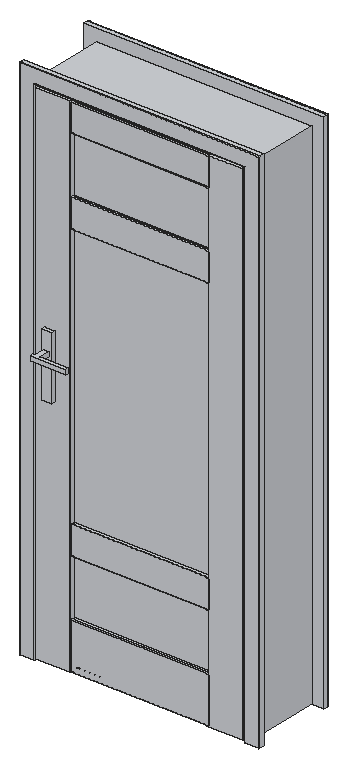
Revit family "b_portagrande_e0_pn60-100", category Drzwi, Revit 2016
Family settings
  Obiekt nadrzędny = Ściana
  Zawsze pionowo = Tak
  Tnij formami wycięć po wczytaniu = Nie
  Współdzielony = Nie
  Punkt obliczania pomieszczeń = Nie
Parameters (values of type "PN 80")
  Zakres szerokości muru [instance] = if(and(Szerokość ściany > 94 mm, Szerokość ściany < 120 mm), "B", (if(and(Szerokość ściany > 119 mm, Szerokość ściany < 140 mm), "C", (if(and(Szerokość ściany > 139 mm, Szerokość ściany < 160 mm), "D", (if(and(Szerokość ściany > 159 mm, Szerokość ściany < 180 mm), "E", (if(and(Szerokość ściany > 179 mm, Szerokość ściany < 200 mm), "F", (if(and(Szerokość ściany > 199 mm, Szerokość ściany < 220 mm), "G", (if(and(Szerokość ściany > 219 mm, Szerokość ściany < 240 mm), "H", (if(and(Szerokość ściany > 239 mm, Szerokość ściany < 260 mm), "I", (if(and(Szerokość ściany > 259 mm, Szerokość ściany < 280 mm), "J", (if(and(Szerokość ściany > 279 mm, Szerokość ściany < 301 mm), "K", "BRAK")))))))))))))))))))  # "K"
  Wysokość brutto = 2060 mm
  Szerokość ściany [instance] = 300 mm
  Szerokość brutto = 880 mm
  Model = "Porta GRANDE E.0"
  Konstrukcja analityczna = "<Brak>"
  Funkcja = Wewnętrzna
  URL = "www.porta.com.pl"
  Ss = 818 mm
  Sb = 846 mm
  Producent = "PORTA KMI POLAND"  # constant formula
  Keynote = ""
  Opis = "Własność Porta KMI Poland, wszelkie prawa zastrzeżone."  # constant formula
  Wysokość = 2016 mm
  Zakończenie ściany = Wg obiektu nadrzędnego
  Szerokość = 800 mm
  Materiał_skrzydło [instance] = none
  Materiał_ościeżnica [instance] = none
  Materiał_klamka [instance] = none
  Hs = 2017 mm
Types (5, lengths in mm): name | Szerokość brutto | Ss | Sb | Szerokość
  PN 70 | 780 | 718 | 746 | 700
  PN 60 | 680 | 618 | 646 | 600
  PN 80 | 880 | 818 | 846 | 800
  PN 90 | 980 | 918 | 946 | 900
  PN 100 | 1080 | 1018 | 1046 | 1000
Reference planes
  plane 1: y = 0
  plane 2 "Środek (Lewa/Prawa)": x = 0
  plane 3 "Lewy": x = -440
  plane 4 "Prawy": x = 440
  plane 5: z = 2060
  plane 6 "Zewnętrzna": y = 150
  plane 7 "Wewnętrzna": y = -150
  plane 8 "skrzydło": y = -129
Forms (mm)
  Sweep 1, solid, material <- "Materiał_ościeżnica"
    path in 3D
      loop
        line (-440, -150, 0) -> (-440, -150, 2060) -> (440, -150, 2060) -> (440, -150, 0)
    profile origin (-440, -150, 1030) x (0, -1, 0) y (1, 0, 0)
      loop
        line (-24, 39) -> (-72, 39) -> (-72, 17) -> (0, 17) -> (0, -33) -> (16, -33)
        arc (16, -33) -> (18.121, -32.121) -> (19, -30) r 3
        line (19, -30) -> (19, 24)
        arc (19, 24) -> (18.121, 26.121) -> (16, 27) r 3
        line (16, 27) -> (-24, 27) -> (-24, 39)
  Sweep 2, solid, material <- "Materiał_ościeżnica"
    path in 3D
      loop
        line (440, 150, 0) -> (440, 150, 2060) -> (-440, 150, 2060) -> (-440, 150, 0)
    profile origin (-440, 150, 1030) x (1, 0, 0) y (0, 1, 0)
      loop
        line (-33, 0) -> (17, 0) -> (17, -228) -> (39, -228) -> (39, -1)
        arc (39, -1) -> (37.536, 2.536) -> (34, 4) r 5
        line (34, 4) -> (25, 4) -> (25, 16)
        arc (25, 16) -> (24.121, 18.121) -> (22, 19) r 3
        line (22, 19) -> (-30, 19)
        arc (-30, 19) -> (-32.121, 18.121) -> (-33, 16) r 3
        line (-33, 16) -> (-33, 0)
  Sweep 3, solid, not visible
    path in 3D
      loop
        line (-440, -150, 0) -> (-440, -150, 2060)
    profile origin (-440, -150, 1030) x (0, -1, 0) y (1, 0, 0)
      loop
        line (-151, 17) -> (-149, 17) -> (-149, 19) -> (-151, 19) -> (-151, 17)
Cuts and joins
  joined: Sweep 1, Sweep 2
Lines and regions (mm)
  Opening 1
    outline origin (-3050, -150, 0) x (1, 0, 0) y (0, 0, 1)
      loop
        line (2610, 0) -> (3490, 0) -> (3490, 2060) -> (2610, 2060) -> (2610, 0)
  sketch lines
    curve 1: line (-440, -150, 0) -> (-440, -150, 2060)
    curve 2: line (-440, -150, 2060) -> (440, -150, 2060)
    curve 3: line (440, -150, 2060) -> (440, -150, 0)
    curve 4: line (-440, 150, 2060) -> (-440, 150, 0)
    curve 5: line (440, 150, 2060) -> (-440, 150, 2060)
    curve 6: line (440, 150, 0) -> (440, 150, 2060)
    curve 12: line (-440, -150, 0) -> (-440, -150, 2060)
  symbolic lines, style "DoorsPanelProjection"
    curve 7: line (409, -150, 0) -> (409, -968, 0)
    curve 8: line (409, -968, 0) -> (369, -968, 0)
    curve 9: line (369, -968, 0) -> (369, -150, 0)
    curve 10: line (369, -150, 0) -> (409, -150, 0)
  symbolic lines, style "Ugięcie rzutu"
    curve 11: arc (-409, -150, 0) -> (-169.413, -728.413, 0) -> (409, -968, 0) r 818
Text (mm)
  text "Zewnętrzna" at (-2295.016, 1099.543, 0), in view "Poziom odniesienia"
  text "Zewnętrzna" at (0, 1615.38, 3698.081), in view "Lewy"
  text "Zewnętrzna" at (0, 1036.032, 3874.932), in view "Prawy"
Dimensions and locks
  equal spacing: plane 3 "Lewy", plane 2 "Środek (Lewa/Prawa)", plane 4 "Prawy"
  "Szerokość brutto": plane 3 "Lewy" to plane 4 "Prawy"
  "Wysokość brutto": plane 5 to host wall
  host wall to plane 5 = 2060 mm  (x2)
  locked: plane 6 "Zewnętrzna" to host wall at 0
  locked: plane 7 "Wewnętrzna" to host wall
  "Sb": Sweep 1 to Sweep 1
  locked: Sweep 1 sketch curve to Sweep 1 sketch curve at 22
  Sweep 1 sketch curve to Sweep 1 sketch curve = 50 mm
  locked: Sweep 1 sketch curve to profile plane at 72
  locked: Sweep 2 sketch curve to Sweep 2 sketch curve at 50
  locked: Sweep 2 sketch curve to Sweep 2 sketch curve at 22
  locked: Sweep 2 sketch curve to plane 6 "Zewnętrzna" at 1
  locked: curve 9 to curve 7 at 40
  "Ss": curve 8 to curve 10
  equal spacing: curve 11, plane 2 "Środek (Lewa/Prawa)", curve 7
  locked: plane 7 "Wewnętrzna" to plane 8 "skrzydło" at 21
  locked: host wall to Sweep 3 sketch curve at 1
  locked: Sweep 3 sketch curve to host wall at 1
  locked: Sweep 3 sketch curve to plane 6 "Zewnętrzna" at 151
  locked: plane 7 "Wewnętrzna" to Sweep 3 sketch curve at 151
  equal spacing: nested 1, plane 2 "Środek (Lewa/Prawa)", nested 1
  locked: nested 1 to level at 8
  "Szerokość ściany": host wall to host wall
  aligned and locked: plane 3 "Lewy" to Opening 1 sketch curve
  aligned and locked: plane 5 to Opening 1 sketch curve  (x2)
  aligned and locked: Opening 1 sketch curve to plane 4 "Prawy"
  aligned and locked: Opening 1 sketch curve to level
  aligned and locked: plane 1 to host wall
  aligned and locked: Sweep 1 to Sweep 2 sketch curve
  aligned and locked: plane 7 "Wewnętrzna" to curve 10
  aligned and locked: Sweep 3 sketch curve to cut or joined group of Sweep 1, Sweep 2
  aligned and locked: Sweep 2 sketch curve to cut or joined group of Sweep 1, Sweep 2
  aligned and locked: nested 1 to plane 8 "skrzydło"
Automatic sketch dimensions
  profile plane to Sweep 1 sketch curve = 24 mm
  Sweep 1 sketch curve to profile plane = 16 mm  (x2)
  Sweep 1 sketch curve to Sweep 1 sketch curve = 3 mm
  profile plane to Sweep 1 sketch curve = 17 mm
  Sweep 1 sketch curve to Sweep 1 sketch curve = 7 mm
  Sweep 1 sketch curve to profile plane = 0 mm
  Sweep 2 sketch curve to profile plane = 0 mm
  Sweep 2 sketch curve to profile plane = 16 mm
  Sweep 2 sketch curve to Sweep 2 sketch curve = 3 mm
  Sweep 2 sketch curve to Sweep 2 sketch curve = 5 mm
  Sweep 2 sketch curve to profile plane = 4 mm
  Sweep 2 sketch curve to Sweep 2 sketch curve = 8 mm
  curve 11 to host wall = 0 mm
  Sweep 3 sketch curve to Sweep 3 sketch curve = 2 mm
Nested families
  nested 1: "skrzydło" at (0, -135.5, 0), Materiał_klamka <- "Materiał_klamka", Materiał_skrzydło <- "Materiał_skrzydło", type "skrzydło"
    with Materiał_skrzydło none, Materiał_klamka none
Definition of nested family "skrzydło"
  Parameters
    Ss = 818 mm
    Materiał_skrzydło [instance] = none
    Materiał_klamka [instance] = none
    Hs = 2017 mm
  Reference planes
    plane 1 "Tył": y = 6.5
    plane 2: z = 0
    plane 3 "Środek (Lewa/Prawa)": x = 0
    plane 4 "Lewa": x = -409
    plane 5 "Prawa": x = 409
    plane 6 "Przód": y = -33.5
    plane 7: z = 2025
    plane 8 "Centrum": y = -13.5
    plane 9: z = 8
    plane 10: x = -272
    plane 11: x = 272
  Forms (mm)
    Extrusion 1, solid, material <- "Materiał_skrzydło"
      sketch origin (-1191.728, -1524, 8) x (-1, 0, 0) y (0, -1, 0)
        loop
          line (-1465.378, -1490.5) -> (-1599.078, -1490.5)
          arc (-1599.078, -1490.5) -> (-1600.244, -1490.983) -> (-1600.728, -1492.15) r 1.65
          line (-1600.728, -1492.15) -> (-1600.728, -1528.8)
          arc (-1600.728, -1528.8) -> (-1600.23, -1530.002) -> (-1599.028, -1530.5) r 1.7
          line (-1599.028, -1530.5) -> (-1465.378, -1530.5)
          arc (-1465.378, -1530.5) -> (-1464.211, -1530.017) -> (-1463.728, -1528.85) r 1.65
          line (-1463.728, -1528.85) -> (-1463.728, -1492.15)
          arc (-1463.728, -1492.15) -> (-1464.211, -1490.983) -> (-1465.378, -1490.5) r 1.65
      from 0 to 2017
    Extrusion 2, solid, material <- "Materiał_skrzydło"
      sketch origin (0, 0, 0) x (0, 1, 0) y (0, 0, 1)
        loop
          line (4, 1911.65) -> (4, 2023.3)
          arc (4, 2023.3) -> (3.502, 2024.502) -> (2.3, 2025) r 1.7
          line (2.3, 2025) -> (-29.35, 2025)
          arc (-29.35, 2025) -> (-30.517, 2024.517) -> (-31, 2023.35) r 1.65
          line (-31, 2023.35) -> (-31, 1911.65)
          arc (-31, 1911.65) -> (-30.517, 1910.483) -> (-29.35, 1910) r 1.65
          line (-29.35, 1910) -> (2.35, 1910)
          arc (2.35, 1910) -> (3.517, 1910.483) -> (4, 1911.65) r 1.65
        loop
          line (2.35, 195) -> (-29.35, 195)
          arc (-29.35, 195) -> (-30.517, 194.517) -> (-31, 193.35) r 1.65
          line (-31, 193.35) -> (-31, 9.65)
          arc (-31, 9.65) -> (-30.517, 8.483) -> (-29.35, 8) r 1.65
          line (-29.35, 8) -> (-25, 8)
          arc (-25, 8) -> (-23.833, 8.483) -> (-23.35, 9.65) r 1.65
          arc (-23.35, 9.65) -> (-22.955, 10.605) -> (-22, 11) r 1.35
          line (-22, 11) -> (-5, 11)
          arc (-5, 11) -> (-4.045, 10.605) -> (-3.65, 9.65) r 1.35
          arc (-3.65, 9.65) -> (-3.167, 8.483) -> (-2, 8) r 1.65
          line (-2, 8) -> (2.35, 8)
          arc (2.35, 8) -> (3.517, 8.483) -> (4, 9.65) r 1.65
          line (4, 9.65) -> (4, 193.35)
          arc (4, 193.35) -> (3.517, 194.517) -> (2.35, 195) r 1.65
        loop
          line (2.35, 532) -> (-29.35, 532)
          arc (-29.35, 532) -> (-30.517, 531.517) -> (-31, 530.35) r 1.65
          line (-31, 530.35) -> (-31, 418.65)
          arc (-31, 418.65) -> (-30.517, 417.483) -> (-29.35, 417) r 1.65
          line (-29.35, 417) -> (2.35, 417)
          arc (2.35, 417) -> (3.517, 417.483) -> (4, 418.65) r 1.65
          line (4, 418.65) -> (4, 530.35)
          arc (4, 530.35) -> (3.517, 531.517) -> (2.35, 532) r 1.65
        loop
          line (2.35, 1688) -> (-29.35, 1688)
          arc (-29.35, 1688) -> (-30.517, 1687.517) -> (-31, 1686.35) r 1.65
          line (-31, 1686.35) -> (-31, 1574.65)
          arc (-31, 1574.65) -> (-30.517, 1573.483) -> (-29.35, 1573) r 1.65
          line (-29.35, 1573) -> (2.35, 1573)
          arc (2.35, 1573) -> (3.517, 1573.483) -> (4, 1574.65) r 1.65
          line (4, 1574.65) -> (4, 1686.35)
          arc (4, 1686.35) -> (3.517, 1687.517) -> (2.35, 1688) r 1.65
      from -272 to 272
    Extrusion 3, solid, material <- "Materiał_skrzydło"
      sketch origin (-892.016, -13.5, 1213) x (-1, 0, 0) y (0, 0, 1)
        loop
          line (-620.016, 697) -> (-1164.016, 697) -> (-1164.016, 475) -> (-620.016, 475) -> (-620.016, 697)
      from -4 to 4
    Extrusion 4, solid, material <- "Materiał_skrzydło"
      sketch origin (-892.016, -13.5, 1213) x (-1, 0, 0) y (0, 0, 1)
        loop
          line (-620.016, -681) -> (-620.016, 360) -> (-1164.016, 360) -> (-1164.016, -681) -> (-620.016, -681)
      from -4 to 4
    Extrusion 5, solid, material <- "Materiał_skrzydło"
      sketch origin (-892.016, -13.5, 1200) x (-1, 0, 0) y (0, 0, 1)
        loop
          line (-620.016, -783) -> (-1164.016, -783) -> (-1164.016, -1005) -> (-620.016, -1005) -> (-620.016, -783)
      from -4 to 4
    Extrusion 6, solid, material <- "Materiał_skrzydło"
      sketch origin (-1191.728, -1524, 8) x (-1, 0, 0) y (0, -1, 0)
        loop
          arc (-918.078, -1490.5) -> (-919.244, -1490.983) -> (-919.728, -1492.15) r 1.65
          line (-919.728, -1492.15) -> (-919.728, -1528.85)
          arc (-919.728, -1528.85) -> (-919.244, -1530.017) -> (-918.078, -1530.5) r 1.65
          line (-918.078, -1530.5) -> (-784.428, -1530.5)
          arc (-784.428, -1530.5) -> (-783.225, -1530.002) -> (-782.728, -1528.8) r 1.7
          line (-782.728, -1528.8) -> (-782.728, -1492.15)
          arc (-782.728, -1492.15) -> (-783.211, -1490.983) -> (-784.378, -1490.5) r 1.65
          line (-784.378, -1490.5) -> (-918.078, -1490.5)
      from 0 to 2017
  Dimensions and locks
    equal spacing: plane 4 "Lewa", plane 3 "Środek (Lewa/Prawa)", plane 5 "Prawa"
    "Ss": plane 4 "Lewa" to plane 5 "Prawa"
    locked: plane 9 to level at 8
    "Hs": plane 7 to plane 9
    locked: nested 1 to plane 9 at 934
    locked: plane 9 to nested 2 at 934
    equal spacing: plane 6 "Przód", plane 8 "Centrum", plane 1 "Tył"
    locked: plane 10 to plane 4 "Lewa" at 137
    locked: plane 5 "Prawa" to plane 11 at 137
    aligned and locked: nested 1 to plane 6 "Przód"
    aligned and locked: plane 5 "Prawa" to Extrusion 1 sketch curve
    aligned and locked: Extrusion 1 sketch curve to plane 1 "Tył"
    aligned and locked: Extrusion 1 sketch curve to plane 6 "Przód"
    aligned and locked: Extrusion 1 sketch curve to plane 11
    aligned and locked: plane 7 to Extrusion 1
    aligned and locked: Extrusion 2 to plane 10
    aligned and locked: plane 11 to Extrusion 2
    aligned and locked: plane 10 to Extrusion 3 sketch curve
    aligned and locked: plane 11 to Extrusion 3 sketch curve
    aligned and locked: Extrusion 2 to Extrusion 4 sketch curve  (x2)
    aligned and locked: plane 10 to Extrusion 5 sketch curve
    aligned and locked: plane 11 to Extrusion 5 sketch curve
    aligned and locked: plane 4 "Lewa" to Extrusion 6 sketch curve
    aligned and locked: Extrusion 6 sketch curve to plane 10
    aligned and locked: plane 7 to Extrusion 6
    aligned and locked: nested 2 to nested 1
  Automatic sketch dimensions
    Extrusion 4 sketch curve to plane 7 = 452 mm
    Extrusion 4 sketch curve to Extrusion 4 sketch curve = 1041 mm
    Extrusion 6 sketch curve to plane 6 "Przód" = 0 mm
    plane 1 "Tył" to Extrusion 6 sketch curve = 0 mm
    Extrusion 6 sketch curve to plane 10 = 1.65 mm
    plane 1 "Tył" to Extrusion 6 sketch curve = 1.65 mm
    plane 4 "Lewa" to Extrusion 6 sketch curve = 1.7 mm
    plane 4 "Lewa" to Extrusion 6 sketch curve = 1.65 mm
    Extrusion 1 sketch curve to Extrusion 1 sketch curve = 1.65 mm
    Extrusion 1 sketch curve to plane 5 "Prawa" = 1.7 mm
    plane 11 to Extrusion 1 sketch curve = 1.65 mm  (x2)
    Extrusion 2 sketch curve to plane 7 = 0 mm
    Extrusion 2 sketch curve to plane 9 = 0 mm  (x2)
    plane 6 "Przód" to Extrusion 2 sketch curve = 2.5 mm  (x4)
    Extrusion 2 sketch curve to plane 7 = 1.65 mm
    Extrusion 2 sketch curve to Extrusion 2 sketch curve = 1.65 mm  (x11)
    plane 9 to Extrusion 2 sketch curve = 1.65 mm  (x2)
    Extrusion 2 sketch curve to Extrusion 2 sketch curve = 4.35 mm
    Extrusion 2 sketch curve to Extrusion 2 sketch curve = 0 mm  (x2)
    Extrusion 2 sketch curve to Extrusion 2 sketch curve = 1.35 mm
    plane 8 "Centrum" to Extrusion 2 sketch curve = 8.5 mm
    Extrusion 2 sketch curve to plane 7 = 1.7 mm
    plane 1 "Tył" to Extrusion 2 sketch curve = 4.2 mm
    plane 1 "Tył" to Extrusion 2 sketch curve = 4.15 mm  (x6)
    Extrusion 2 sketch curve to Extrusion 2 sketch curve = 182.35 mm
    Extrusion 2 sketch curve to Extrusion 2 sketch curve = 222 mm
    Extrusion 2 sketch curve to Extrusion 2 sketch curve = 111.7 mm  (x2)
    Extrusion 2 sketch curve to Extrusion 2 sketch curve = 1041 mm
    Extrusion 2 sketch curve to Extrusion 2 sketch curve = 113.3 mm
    Extrusion 3 sketch curve to plane 7 = 337 mm
    Extrusion 3 sketch curve to plane 7 = 115 mm
    plane 9 to Extrusion 5 sketch curve = 187 mm
    Extrusion 5 sketch curve to Extrusion 5 sketch curve = 222 mm
  Nested families
    nested 1: "KLAMKA" at (-354, -33.5, 1067), Materiał klamki <- "Materiał_klamka", type "KLAMKA"
      with Materiał klamki none
    nested 2: "KLAMKA" at (-354, 6.5, 1067), Materiał klamki <- "Materiał_klamka", type "KLAMKA"
      with Materiał klamki none
  Definition of nested family "KLAMKA"
    Parameters
      Materiał klamki [instance] = none
      Assembly Code = ""
      Default Elevation = 1219.2 mm
    Reference planes
      plane 1 "Center (Front/Back)": y = 0
      plane 2: z = 0
      plane 3 "Center (Left/Right)": x = 0
      plane 4: z = 125
      plane 5: z = -125
      plane 6: x = 20
      plane 7: x = -20
      plane 8: y = -70
      plane 9: y = -60
      plane 10: x = 10
      plane 11: x = -10
      plane 12: x = 120
      plane 13: z = 35
      plane 14: z = 55
      plane 15: y = -15
    Forms (mm)
      Extrusion 1, solid, material <- "Materiał klamki"
        sketch origin (0, 0, 0) x (1, 0, 0) y (0, 0, 1)
          loop
            line (-20, 125) -> (-20, -125) -> (20, -125) -> (20, 125) -> (-20, 125)
        from 0 to 15
      Extrusion 2, solid, material <- "Materiał klamki"
        sketch origin (0, 0, 0) x (1, 0, 0) y (0, 1, 0)
          loop
            line (-10, -15) -> (-10, -60) -> (-20, -60) -> (-20, -70) -> (120, -70) -> (120, -60) -> (10, -60) -> (10, -15) -> (-10, -15)
        from 35 to 55
    Dimensions and locks
      equal spacing: plane 4, plane 2, plane 5
      plane 4 to plane 5 = 250 mm
      equal spacing: plane 7, plane 3 "Center (Left/Right)", plane 6
      plane 7 to plane 6 = 40 mm
      plane 8 to plane 1 "Center (Front/Back)" = 70 mm
      plane 11 to plane 3 "Center (Left/Right)" to plane 10 = 10 mm locked, 10 mm locked
      plane 7 to plane 12 = 140 mm
      plane 15 to plane 1 "Center (Front/Back)" = 15 mm
      aligned and locked: plane 7 to Extrusion 1 sketch curve
      aligned and locked: Extrusion 1 sketch curve to plane 4
      aligned and locked: plane 5 to Extrusion 1 sketch curve
      aligned and locked: Extrusion 1 sketch curve to plane 6
      aligned and locked: plane 15 to Extrusion 1
      aligned and locked: Extrusion 1 to plane 1 "Center (Front/Back)"
      aligned and locked: plane 14 to Extrusion 2
      aligned and locked: Extrusion 2 to plane 13
    Automatic sketch dimensions
      Extrusion 2 sketch curve to plane 7 = 0 mm
      Extrusion 2 sketch curve to plane 9 = 0 mm  (x2)
      Extrusion 2 sketch curve to plane 11 = 0 mm
      Extrusion 2 sketch curve to plane 10 = 0 mm
      Extrusion 2 sketch curve to plane 12 = 0 mm
      Extrusion 2 sketch curve to plane 8 = 0 mm
      Extrusion 2 sketch curve to plane 15 = 0 mm
